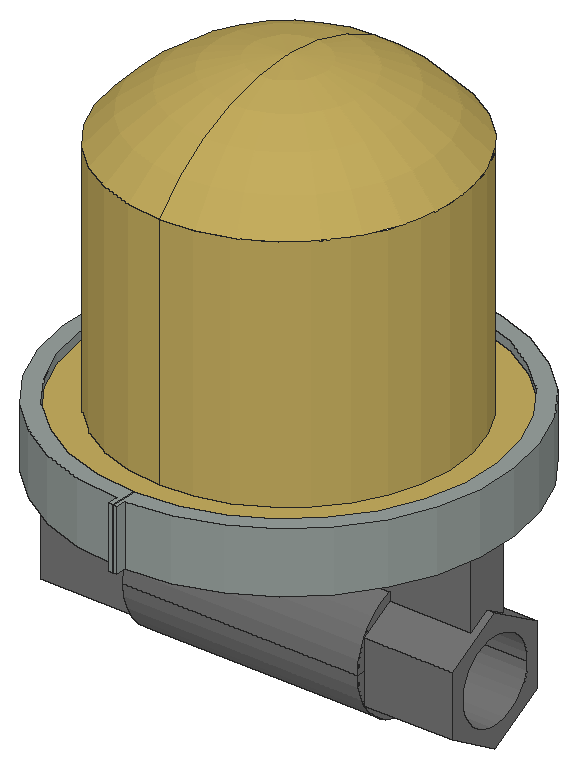
Revit family "QP85060000", category Apparecchi idraulici, Revit 2020
Family settings
  Quota connettore circolare = Usa diametro
  Tipo di parte = Normale
  Numero OmniClass = 23.45.00.00
  Titolo OmniClass = Sanitary, Laundry, and Cleaning Equipment
  Basato su piano di lavoro = No
  Sempre verticale = Sì
  Taglio con vuoti quando caricato = No
  Condiviso = No
  Punto di calcolo locali = No
Parameters
  URL = "https://web.cimberio.com/index.php/figura/1554?subcategoria_id="
  Temperatura di esercizio = ""
  Prospetto di default = 0 mm
  Produttore = "CIMBERIO SPA"
  Pressione nominale = ""
  Modello = "Cim 852H"
  Materiale = "Prodotto in lega d'alluminio anodizzato 348.0 e A356-T6"
  Descrizione = "Utilizzato nell’impiantistica distributiva di gas a bassa pressione per le categorie:\r\nGas naturali: gas derivati dal petrolio (Metano) e gas di ricambio.\r\nGas di città: prodotti secondo i diversi procedimenti (Cracking - Cokerie - ecc.).\r\nGas liquidi: propano e miscele di gas propano/butano."
  DN Model [instance] = QP85061020 : QP85061020
  DN [instance] = 20 mm
  Commenti sul tipo = "Realizzato in ottemperanza ai requisiti gestionali della norma EN ISO 9001.\r\nCollaudato al 100% secondo la normativa EN 12266-1"
Reference planes
  plane 1 "Centro (Fronte/Retro)": y = 0
  plane 2: z = 0
  plane 3 "Centro (Sinistra/Destra)": x = 0
Dimensions and locks
  aligned and locked: level to plane 2
Nested families
  nested 1: "QP85061020" at (0, 0, 0), type <- "DN Model", type "QP85061020"
  nested 2: "QP85061020" at (0, 0, 0), type <- "DN Model", type "QP85061020"
  nested 3: "QP85061020" at (0, 0, 0), type <- "DN Model", type "QP85061020"
  nested 4: "QP85061020" at (0, 0, 0), type <- "DN Model", type "QP85061020"
  nested 5: "QP85061020" at (0, 0, 0), type <- "DN Model", type "QP85061020"
  nested 6: "QP85061020" at (0, 0, 0), type <- "DN Model", type "QP85061020"
  nested 7: "QP85061020" at (0, 0, 0), type <- "DN Model", type "QP85061020"
  nested 8: "QP85061020" at (0, 0, 0), type <- "DN Model", type "QP85061020"
Connectors
  piping at (51, 0, 0), diameter 20, driven by "DN"
    settings: on nested 1, index 1, connector inside diameter 609.6 mm, connector length 0 mm, flow factor 0, pipe flow 0.0 L/s, pressure drop 0.0 Pa, fitting loss kfactor 0, connector angle 0.00°, fixture units 0, engagement length 0 mm, angle of deflection 0.00°, flow configuration 0, flow direction 0, fitting loss method 0, system type 7, joint type 0, gender type 0, connector reference index -1, connector utility 0, adjustable connector no, is connector primary yes, connector description ""
  piping at (-51, 0, 0), diameter 20, driven by "DN"
    settings: on nested 1, index 2, connector inside diameter 609.6 mm, connector length 0 mm, flow factor 0, pipe flow 0.0 L/s, pressure drop 0.0 Pa, fitting loss kfactor 0, connector angle 0.00°, fixture units 0, engagement length 0 mm, angle of deflection 0.00°, flow configuration 0, flow direction 0, fitting loss method 0, system type 7, joint type 0, gender type 0, connector reference index -1, connector utility 0, adjustable connector no, is connector primary no, connector description ""
Definition of nested family "QP85061020"
  Parameters (values of type "QP85061020")
    URL = ""
    Temperatura di esercizio = ""
    Default Elevation = 0 mm
    Manufacturer = ""
    Pressione nominale = ""
    Model = ""
    Materiale = ""
    Description = ""
    Type Comments = ""
  Reference planes
    plane 1 "Centro (Fronte/Retro)": y = 0
    plane 2: z = 0
    plane 3 "Centro (Sinistra/Destra)": x = 0
    plane 4: z = 121
  Forms (mm)
    Revolve 1, solid
      sketch origin (0, 0, 0) x (1, 0, 0) y (0, 1, 0)
        loop
          line (-29, 15) -> (-29, 10) -> (29, 10) -> (29, 15) -> (-29, 15)
        axis (-29, 0) -> (29, 0)
      angle from 0 to 360
    Extrusion 2, solid
      sketch origin (0, 0, 0) x (0, 1, 0) y (0, 0, 1)
        loop
          circle (0, 0) r 10
        loop
          line (0, 15) -> (-12.99, 7.5) -> (-12.99, -7.5) -> (0, -15) -> (12.99, -7.5) -> (12.99, 7.5) -> (0, 15)
      from -51 to -29
    Extrusion 3, solid
      sketch origin (0, 0, 0) x (0, 1, 0) y (0, 0, -1)
        loop
          circle (0, 0) r 10
        loop
          line (0, -15) -> (12.99, -7.5) -> (12.99, 7.5) -> (0, 15) -> (-12.99, 7.5) -> (-12.99, -7.5) -> (0, -15)
      from -51 to -29
    Extrusion 4, solid
      sketch origin (0, 0, 0) x (1, 0, 0) y (0, 1, 0)
        loop
          arc (-1.018, 51.99) -> (-52, 0) -> (-1.018, -51.99) r 52
          line (-1.018, -51.99) -> (-1.018, -54.463) -> (0, -54.463) -> (0, -48)
          arc (0, -48) -> (-48, 0) -> (0, 48) r 48
          line (0, 48) -> (0, 54.476) -> (-1.018, 54.476) -> (-1.018, 51.99)
      from 30 to 45
    Extrusion 5, solid
      sketch origin (0, 0, 0) x (1, 0, 0) y (0, 1, 0)
        loop
          line (-49, 4.99) -> (-49, -4.99) -> (49, -4.99) -> (49, 4.99) -> (-49, 4.99)
      from 8.208 to 30
    Extrusion 6, solid
      sketch origin (0, 0, 0) x (-1, 0, 0) y (0, -1, 0)
        loop
          line (-1.018, -51.99) -> (-1.018, -54.476) -> (0, -54.476) -> (0, -48)
          arc (0, -48) -> (-48, 0) -> (0, 48) r 48
          line (0, 48) -> (0, 54.463) -> (-1.018, 54.463) -> (-1.018, 51.99)
          arc (-1.018, 51.99) -> (-52, 0) -> (-1.018, -51.99) r 52
      from 30 to 45
    Extrusion 7, solid
      sketch origin (0, 0, 0) x (1, 0, 0) y (0, 1, 0)
        loop
          circle (0, 0) r 48
      from 32 to 43
    Revolve 8, solid
      sketch origin (0, 0, 0) x (0, 1, 0) y (0, 0, 1)
        loop
          line (0, 43) -> (40, 43) -> (40, 101.885)
          arc (40, 101.885) -> (22.166, 115.976) -> (0, 121) r 51.409
          line (0, 121) -> (0, 43)
        axis (0, 121) -> (0, 43)
      angle from 0 to 360
  Cuts and joins
    joined: Revolve 1, Extrusion 2, Extrusion 3, Extrusion 5
  Dimensions and locks
    aligned and locked: level to plane 2
